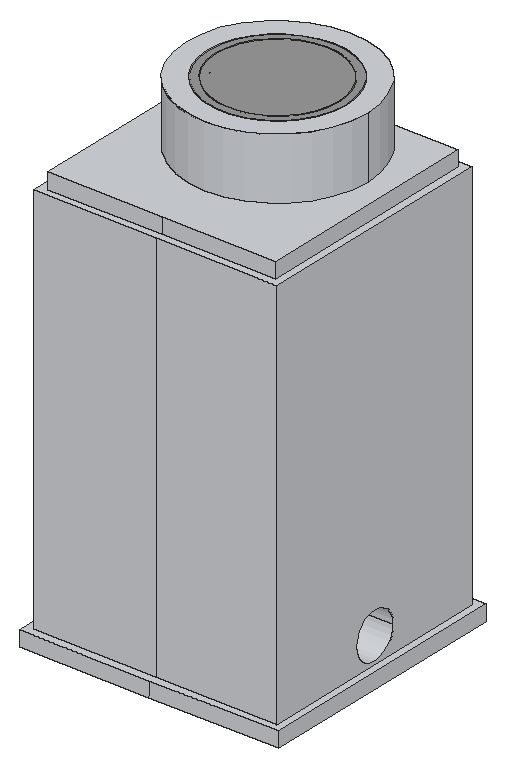
Revit family "（双通平角）雨水检查井", category 常规模型, Revit 2018
Family settings
  可将钢筋附着到主体 = 否
  圆形连接件大小 = 使用直径
  零件类型 = 标准
  基于工作平面 = 否
  总是垂直 = 是
  加载时剪切的空心 = 否
  共享 = 否
  房间计算点 = 否
Parameters
  集水井高度 [instance] = 3400 mm
  附属物 = ""
  连接码 = ""
  起点埋深 = ""
  起点地面标高 = ""
  起始点号 = ""
  行X列 = ""
  终点埋深 = ""
  终止点号 = ""
  终止地面标高 = ""
  线型 = ""
  类型 = ""
  管线长度 = ""
  管径或断面尺寸 = ""
  电缆根数 = ""
  电压 = ""
  特征 = ""
  物探点号（管点编号） = ""
  物探日期 = ""
  流向 = ""
  材质 = none
  权属单位 = ""
  旋转线长度 = 150 mm
  新旧管线 = yes
  探测日期 = ""
  总孔数 = ""
  已用空孔 = ""
  左水管高度 [instance] = 270 mm
  左水管半径 [instance] = 150 mm
  套管尺寸（孔径） = ""
  备注 = ""
  埋设类型 = ""
  埋设日期 = ""
  地面标高 = ""
  图幅号 = ""
  右管拉伸长度 [instance] = 1800 mm
  右管半径 [instance] = 150 mm
  右管偏移角度 [instance] = 160.00°
  右水管高度 [instance] = 270 mm
  井筒高度 [instance] = 400 mm
  井筒 = 混凝土，现场浇注 - C15
  井盖及支座 = 钢 ASTM A242
  井板 = 混凝土，现场浇注 - C15
  井室高度 [instance] = 集水井高度 - 750 mm  # 2650 mm
  井室 = 混凝土，现场浇注 - C15
  井基 = 混凝土，现场浇注 - C15
  Y坐标 = ""
  X坐标 = ""
  90度 = 90.00°
Reference planes
  plane 1 "中心(前/后)": y = 0
  plane 2: z = 0
  plane 3 "中心(左/右)": x = 0
  plane 4: z = 100
  plane 5: z = 2650
  plane 6: z = 3150
  plane 7: z = 2750
  plane 8: z = 270
  plane 9: z = 270
Forms (mm)
  Extrusion 1, solid
    sketch origin (0, 0, 0) x (1, 0, 0) y (0, 1, 0)
      loop
        line (-840, -840) -> (0, -840) -> (840, -840) -> (840, 840) -> (-840, 840) -> (-840, -840)
    from 0 to 100
  Extrusion 2, solid
    sketch origin (0, 0, 0) x (1, 0, 0) y (0, 1, 0)
      loop
        line (-790, -790) -> (0, -790) -> (790, -790) -> (790, 790) -> (-790, 790) -> (-790, -790)
      loop
        line (-550, -550) -> (0, -550) -> (550, -550) -> (550, 550) -> (-550, 550) -> (-550, -550)
    from 100 to 2650
  Extrusion 3, solid
    sketch origin (0, 0, 0) x (1, 0, 0) y (0, 1, 0)
      loop
        line (-740, -740) -> (0, -740) -> (740, -740) -> (740, 740) -> (-740, 740) -> (-740, -740)
      loop
        circle (0, 200) r 450
    from 2650 to 2750
  Extrusion 4, solid
    sketch origin (0, 200, 0) x (1, 0, 0) y (0, 1, 0)
      loop
        circle (0, 0) r 590
      loop
        circle (0, 0) r 450
    from 2750 to 3150
  Sweep 5, solid, material "钢 ASTM A242" <- "井盖及支座"
    path in 3D
      loop
        arc (450, 200, 2750) -> (0, -250, 2750) -> (-450, 200, 2750) r 450
        arc (-450, 200, 2750) -> (0, 650, 2750) -> (450, 200, 2750) r 450
    profile origin (0, 650, 2750) x (0, -1, 0) y (0, 0, -1)
      loop
        line (0, -350) -> (0, -400) -> (50, -400) -> (50, -385) -> (100, -385) -> (100, -370) -> (50, -370) -> (30, -350) -> (0, -350)
  Extrusion 6, solid, material "钢 ASTM A242" <- "井盖及支座"
    sketch origin (0, -120, 0) x (1, 0, 0) y (0, 1, 0)
      loop
        circle (0, 320) r 400
    from 3150 to 3100
  Revolve 7, void
    sketch origin (0, 1530.265, 270) x (0, 1, 0) y (-1, 0, 0)
      loop
        line (-1530.265, 920) -> (-1530.265, 0) -> (-1380.265, 0) -> (-1380.265, 920) -> (-1530.265, 920)
      axis (-1530.265, 0) -> (-1530.265, 920)
    angle from 0 to 360
  Revolve 8, void
    sketch origin (4267.2, -2744.198, 270) x (0, -1, 0) y (1, 0, 0)
      loop
        line (-2744.198, -3986.56) -> (-2744.198, -3267.213) -> (-2894.198, -3267.213) -> (-2894.198, -3986.56) -> (-2744.198, -3986.56)
      axis (-2744.198, -3986.56) -> (-2744.198, -3267.213)
    angle from 0 to 360
Cuts and joins
  Revolve 7, Revolve 8 cuts Extrusion 2
Lines and regions (mm)
  sketch lines
    curve 1: arc (-450, 200, 2750) -> (0, 650, 2750) -> (450, 200, 2750) r 450
    curve 2: arc (450, 200, 2750) -> (0, -250, 2750) -> (-450, 200, 2750) r 450
  reference lines
    curve 3: line (0, 0, 270) -> (-2900, 0, 270)
    curve 4: line (0, 0, 270) -> (2940, 0, 270)
Dimensions and locks
  "井室高度": plane 5 to plane 2
  plane 7 to plane 5 = 100 mm
  "左水管高度": plane 9 to level
  "左水管半径": Revolve 7 sketch curve to Revolve 7 sketch curve
  "右水管高度": plane 8 to plane 2
  "右管半径": Revolve 8 sketch curve to Revolve 8 sketch curve
  "井筒高度": plane 6 to plane 7
  plane 6 to Extrusion 6 = 50 mm
  aligned and locked: level to plane 2
  aligned and locked: Extrusion 2 to plane 4
  aligned and locked: Extrusion 3 to plane 5
  aligned and locked: plane 5 to Extrusion 2
  aligned and locked: plane 7 to Extrusion 3
  aligned and locked: plane 6 to Extrusion 4
  aligned and locked: Extrusion 4 to plane 7
  aligned and locked: Revolve 7 sketch curve to curve 3
  aligned and locked: curve 4 to Revolve 8 sketch curve
  aligned and locked: Extrusion 4 to Extrusion 6
  aligned and locked: Sweep 5 to Extrusion 6
Automatic sketch dimensions
  Extrusion 4 sketch curve to Extrusion 4 sketch curve = 0 mm  (x2)
  Extrusion 4 sketch curve to plane 3 "中心(左/右)" = 0 mm
  Extrusion 4 sketch curve to plane 1 "中心(前/后)" = 200 mm
  Sweep 5 sketch curve to profile plane = 0 mm
  Sweep 5 sketch curve to profile plane = 30 mm
  Sweep 5 sketch curve to profile plane = 50 mm
  Sweep 5 sketch curve to Sweep 5 sketch curve = 0 mm
  Sweep 5 sketch curve to Sweep 5 sketch curve = 50 mm
  Sweep 5 sketch curve to profile plane = 400 mm
  Sweep 5 sketch curve to Sweep 5 sketch curve = 15 mm  (x2)
  Sweep 5 sketch curve to Sweep 5 sketch curve = 20 mm
  Extrusion 6 sketch curve to Extrusion 6 sketch curve = 0 mm  (x2)
  Extrusion 6 sketch curve to plane 3 "中心(左/右)" = 0 mm
  Extrusion 6 sketch curve to plane 1 "中心(前/后)" = 200 mm
  Extrusion 6 sketch curve to plane 3 "中心(左/右)" = 400 mm
  curve 3 to plane 1 "中心(前/后)" = 0 mm
  curve 3 to plane 3 "中心(左/右)" = 0 mm
  curve 3 to plane 3 "中心(左/右)" = 2900 mm
  plane 1 "中心(前/后)" to curve 4 = 0 mm
  curve 4 to plane 3 "中心(左/右)" = 0 mm
  plane 3 "中心(左/右)" to curve 4 = 2940 mm
  Extrusion 1 sketch curve to plane 3 "中心(左/右)" = 0 mm
  Extrusion 1 sketch curve to plane 3 "中心(左/右)" = 840 mm
  Extrusion 1 sketch curve to Extrusion 1 sketch curve = 840 mm
  plane 1 "中心(前/后)" to Extrusion 1 sketch curve = 840 mm
  Extrusion 1 sketch curve to plane 1 "中心(前/后)" = 840 mm
  Extrusion 2 sketch curve to plane 3 "中心(左/右)" = 0 mm  (x2)
  Extrusion 2 sketch curve to plane 3 "中心(左/右)" = 550 mm
  Extrusion 2 sketch curve to Extrusion 2 sketch curve = 240 mm  (x4)
  plane 3 "中心(左/右)" to Extrusion 2 sketch curve = 550 mm
  plane 1 "中心(前/后)" to Extrusion 2 sketch curve = 790 mm
  Extrusion 2 sketch curve to plane 1 "中心(前/后)" = 550 mm
  Extrusion 3 sketch curve to plane 3 "中心(左/右)" = 0 mm  (x2)
  Extrusion 3 sketch curve to plane 3 "中心(左/右)" = 740 mm
  plane 3 "中心(左/右)" to Extrusion 3 sketch curve = 740 mm
  plane 1 "中心(前/后)" to Extrusion 3 sketch curve = 740 mm
  Extrusion 3 sketch curve to plane 1 "中心(前/后)" = 740 mm
  Extrusion 3 sketch curve to Extrusion 3 sketch curve = 0 mm  (x2)
  Extrusion 3 sketch curve to plane 1 "中心(前/后)" = 200 mm
  Extrusion 3 sketch curve to plane 3 "中心(左/右)" = 450 mm
  plane 1 "中心(前/后)" to Revolve 7 sketch curve = 0 mm
  Revolve 7 sketch curve to plane 3 "中心(左/右)" = 0 mm  (x2)
  Revolve 7 sketch curve to plane 3 "中心(左/右)" = 920 mm
  Revolve 7 sketch curve to Revolve 7 sketch curve = 1980 mm
  plane 1 "中心(前/后)" to Revolve 8 sketch curve = 0 mm
  Revolve 8 sketch curve to plane 3 "中心(左/右)" = 0 mm
  plane 3 "中心(左/右)" to Revolve 8 sketch curve = 280.64 mm
  Revolve 8 sketch curve to Revolve 8 sketch curve = 719.347 mm
  Revolve 8 sketch curve to Revolve 8 sketch curve = 1940.013 mm
  radius of Extrusion 4 sketch curve = 590 mm
  radius of Extrusion 4 sketch curve = 450 mm
